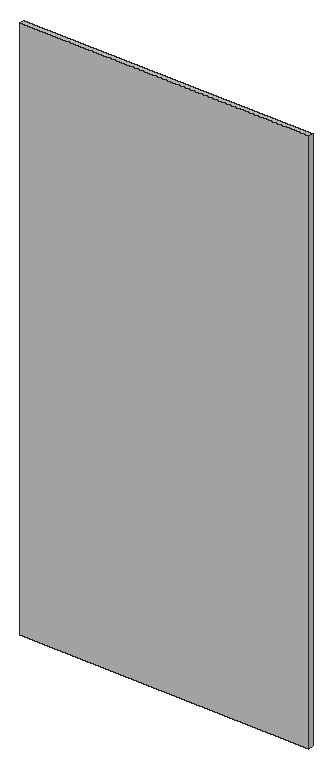
Revit family "Mirror_Metlam_Polished", category Specialty Equipment, Revit 2016
Family settings
  Part Type = Normal
  Round Connector Dimension = Use Diameter
  OmniClass Number = 23.40.95.17.17
  OmniClass Title = Mirrors
  Work Plane-Based = No
  Always vertical = Yes
  Cut with Voids When Loaded = No
  Shared = No
  Room Calculation Point = Yes
Parameters (values of type "500w x 8d x 950h (ML777)")
  URL = "http://www.metlam.com.au/"
  Type Comments = "Mirrors"  # constant formula
  Model = "ML777"
  Material_ANZRS = z_Metlam_Metal_Stainless Steel_Polished
  Manufacturer_URL__Product Specific = "https://metlam.com.au/product/content/mirrors/ML777"
  Manufacturer_Spec Code = Model  # "ML777"
  Manufacturer_Overall Width = 500 mm  # constant formula
  Manufacturer_Overall Height = 950 mm  # constant formula
  Manufacturer_Overall Depth = 7.5 mm  # constant formula
  Manufacturer_Height From FFL [instance] = 900 mm
  Manufacturer = "Metlam"  # constant formula
  Keynote = ""
  Description = "Stainless Steel Polished Mirror"  # constant formula
  CreatedBy_ANZRS = "IGS BIM Solutions"  # constant formula
  CreatedByURL_ANZRS = "http://www.igsgroup.com.au/"
  Assembly Code = ""
Reference planes
  plane 1 "Back": y = 0
  plane 2 "Ref. Level": z = 0
  plane 3 "Center (Left/Right)": x = 0
  plane 4 "Left": x = -250
  plane 5 "Right": x = 250
  plane 6 "Front": y = -7.5
  plane 7 "Bottom": z = 900
  plane 8 "Top": z = 1850
Forms (mm)
  Extrusion 1, solid, material "z_Metlam_Metal_Stainless Steel_Polished" <- "Material_ANZRS"
    sketch origin (0, 0, 0) x (1, 0, 0) y (0, 0, 1)
      loop
        line (-250, 1850) -> (-250, 900) -> (250, 900) -> (250, 1850) -> (-250, 1850)
    from 0 to 7.5
Lines and regions (mm)
  Masking region 1
    outline origin (0, 0, 0) x (1, 0, 0) y (0, 1, 0)
      loop
        line (-250, 0) -> (-250, -7.5) -> (250, -7.5) -> (250, 0) -> (-250, 0)
Text (mm)
  text "> Contact Manufacturer to confirm feasibility of design variations outside the scope of this Revit Family\n\n\n\nDisclaimer:\n\nDue to ongoing product development and manufacturing evolution, product details are subject to change without notice. Please refer to product technical data sheets on the manufacturer’s website for the most current product information. Please allow a +/- 5mm manufacturing tolerance for dimensions and set-outs shown in product literature." at (330.791, 138.103, 0), in view "Ref. Level_Instruction"
Dimensions and locks
  equal spacing: plane 4 "Left", plane 3 "Center (Left/Right)", plane 5 "Right"
  "Manufacturer_Overall Depth": plane 6 "Front" to plane 1 "Back"
  "Manufacturer_Overall Width": plane 4 "Left" to plane 5 "Right"
  "Manufacturer_Height From FFL": plane 7 "Bottom" to level
  "Manufacturer_Overall Height": plane 8 "Top" to plane 7 "Bottom"
  aligned and locked: level to plane 2 "Ref. Level"
  aligned and locked: plane 4 "Left" to Extrusion 1 sketch curve
  aligned and locked: Extrusion 1 sketch curve to plane 5 "Right"
  aligned and locked: plane 7 "Bottom" to Extrusion 1 sketch curve
  aligned and locked: Extrusion 1 sketch curve to plane 8 "Top"
  aligned and locked: Extrusion 1 to plane 1 "Back"
  aligned and locked: plane 6 "Front" to Extrusion 1
Automatic sketch dimensions
  plane 6 "Front" to Masking region 1 sketch curve = 0 mm
  Masking region 1 sketch curve to plane 4 "Left" = 0 mm
  plane 1 "Back" to Masking region 1 sketch curve = 0 mm
  Masking region 1 sketch curve to plane 5 "Right" = 0 mm
